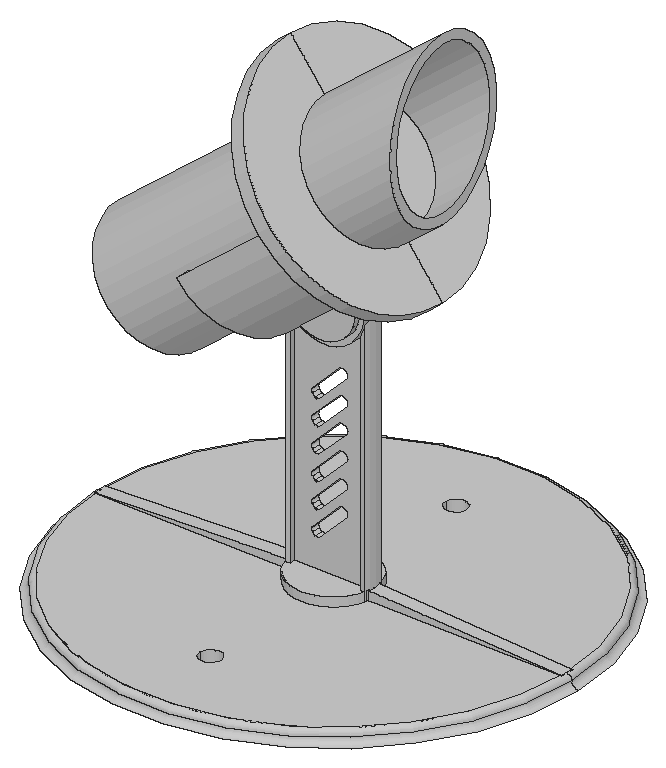
Revit family "SMALL UNDERWATER_LKPB0158WW.20", category Luminarias, Revit 2019
Family settings
  Cota de conector redondo = Diámetro de uso
  Tipo de pieza = Normal
  Se basa en plano de trabajo = Sí
  Siempre vertical = No
  Corte con vacíos al cargar = No
  Origen de luz = Sí
  Compartido = No
  Punto de cálculo de habitación = No
Parameters (values of type "SUB_LKPB0158WW.20")
  Ángulo de inclinación = 60.00°
  Zone [instance] = ""
  Watt per fixture = 2.6
  Wattage = 2.6 W
  built-in parameter 1150107 = 3000 (stored number, unit not read)
  built-in parameter 1150110 = 1 (stored number, unit not read)
  built-in parameter 1150109 = 1 (stored number, unit not read)
  built-in parameter 1150112 = 1 (stored number, unit not read)
  built-in parameter 1150113 = 1 (stored number, unit not read)
  built-in parameter 1114218 = 1 (stored number, unit not read)
  Keynote = ""
  built-in parameter 1150142 = "IESNA:LM-63-1995\r\n[TEST] SMALL UNDERWATER \r\n[DATE] 2016/12/12\r\n[MANUFAC] BRILLANTE ILUMINACION\r\n[LUMCAT] SMALL UNDERWATER \r\n[LUMINAIRE] LKPB0158WW\r\n[LAMPCAT] SMALL UNDERWATER \r\n[LAMP] SMALL UNDERWATER 3000°K 20°\r\nTILT=NONE\r\n0 -1 1.0 19 9 1 2 0.000 0.000 0.000\r\n1 1 2.6\r\n0.0 5.0 10.0 15.0 20.0 25.0 30.0 35.0 40.0 45.0 50.0 55.0 60.0 65.0 70.0 75.0 80.0 85.0 90.0\r\n0.0 45.0 90.0 135.0 180.0 225.0 270.0 315.0 360.0 \r\n828.840 675.628 405.151 164.273 60.015 27.754 16.898 11.163 7.271 4.916 3.277 2.253 1.639 1.229 0.922 0.614 0.307 0.205 0.102\r\n833.448 672.248 400.850 167.755 60.834 26.321 14.236 8.398 5.428 3.687 2.458 1.741 1.331 1.024 0.717 0.410 0.205 0.102 0.102\r\n805.284 602.914 333.973 128.735 44.141 16.591 6.759 3.687 2.560 1.946 1.536 1.127 0.819 0.512 0.307 0.205 0.102 0.102 0.102\r\n832.936 663.338 388.663 149.320 41.273 12.495 3.687 2.151 1.741 1.536 1.229 0.922 0.410 0.102 0.102 0.102 0.102 0.000 0.000\r\n828.840 741.685 494.252 216.504 57.045 15.362 3.687 1.639 1.434 1.331 1.229 0.922 0.307 0.102 0.102 0.102 0.102 0.102 0.102\r\n833.448 745.372 515.554 200.015 79.781 19.459 7.271 2.970 2.253 1.843 1.536 1.229 0.717 0.205 0.102 0.102 0.102 0.102 0.102\r\n805.284 787.260 592.775 301.508 108.457 36.767 15.157 8.296 5.121 3.380 2.458 1.843 1.331 1.024 0.512 0.307 0.205 0.102 0.102\r\n832.936 765.240 532.862 247.536 80.293 33.182 18.844 11.982 7.886 5.326 3.585 2.356 1.741 1.229 0.922 0.614 0.307 0.205 0.102\r\n828.840 675.628 405.151 164.273 60.015 27.754 16.898 11.163 7.271 4.916 3.277 2.253 1.639 1.229 0.922 0.614 0.307 0.205 0.102\r\n"
  built-in parameter 1150137 = (empty or 0)
  built-in parameter 1150132 = (empty or 0)
  Modelo = "LKPB0158WW.20"
  Lámpara = "OSRAM"
  built-in parameter 1150105 = 9.5857 (stored number, unit not read)
  built-in parameter 1150102 = (empty or 0)
  built-in parameter 1150106 = 0.095857 (stored number, unit not read)
  Lumens = 120.458 lm
  Color Filter = 16777215
  built-in parameter 1114217 = 1 (stored number, unit not read)
  built-in parameter 1150139 = (empty or 0)
  Fabricante = "BRILLANT"
  Default Elevation = 0 mm
  built-in parameter 1150104 = 4.3042 (stored number, unit not read)
  Descripción = "LUMINARIA SUB ACUATICA TIPO PUNTUAL, ACABADO EN ACERO INOXIDABLE, CUPERO MOLDEADO EN CROMO, SELLO DE SILICON, VIDRIO TEMPLADO DE 7MM, 1 LED TIPO OSRAM CON UN CONSUMO TOTAL DE 2.6W, 139 LUMENES CON  UNA TEMPERATURA EN BLANCO CALIDO 3000K, IP 68, IK 06, SUMERGIBLE MAXIMO 2M, CABLE H07RN DE 3M, APERTURA A 20 GRADOS, ALIMENTADA A 24V. REQUIERE ACCESORIOS."
  built-in parameter 1150115 = 1 (stored number, unit not read)
  built-in parameter 1150114 = 1 (stored number, unit not read)
  Comentarios de vataje = "24V"
  built-in parameter 1150138 = (empty or 0)
  built-in parameter 1150134 = (empty or 0)
  Circuit [instance] = ""
  Dimming Lamp Color Temperature Shift = (empty or 0)
  Archivo de red fotométrica = "SMALL UNDERWATER_LKPB0158WW 20°.IES"
  built-in parameter 1150133 = 10 (stored number, unit not read)
Reference planes
  plane 1 "Centro (Frontal/Posterior)": y = 0
  plane 2: z = 0
  plane 3 "Centro (Izquierda/Derecha)": x = 0
  plane 4: z = 132
  plane 5: z = 3
  plane 6: x = -653.678
  plane 7: x = 600
  plane 8 "inclinado": through (-18.314, -1524, 86.57) normal (0.7771, 0, 0.6293)
Forms (mm)
  Revolve 1, solid, material "Acero Inoxidable"
    sketch origin (0, 0, 0) x (1, 0, 0) y (0, 0, 1)
      loop
        arc (60, 0) -> (58.861, 0.472) -> (58.389, 1.611) r 1.611
        arc (58.389, 1.611) -> (57.982, 2.593) -> (57, 3) r 1.389
        line (57, 3) -> (0, 3) -> (0, 0) -> (60, 0)
      axis (0, 3) -> (0, 0)
    angle from 0 to 360
  Extrusion 2, solid, material "Acero Inoxidable"
    sketch origin (0, 0, 0) x (1, 0, 0) y (0, 1, 0)
      loop
        circle (0, 0) r 10
    from 3 to 5.134
  Extrusion 3, solid, material "Acero Inoxidable"
    sketch origin (0, 0, 0) x (1, 0, 0) y (0, 0, 1)
      loop
        line (-10, 5.134) -> (-57.216, 3) -> (-10, 3) -> (-10, 5.134)
      loop
        line (10, 5.134) -> (10, 3) -> (57.216, 3) -> (10, 5.134)
    from -1.668 to 1.605
  Extrusion 4, void
    sketch origin (0, 0, 0) x (1, 0, 0) y (0, 1, 0)
      loop
        circle (0, 37.605) r 2.589
      loop
        circle (0, -37.605) r 2.589
    from 0 to 3
  Extrusion 5, solid, material "Acero Inoxidable"
    sketch origin (0, 0, 0) x (1, 0, 0) y (0, 1, 0)
      loop
        arc (-9.664, 2.571) -> (-10, 0) -> (-9.664, -2.571) r 10
        line (-9.664, -2.571) -> (-8.527, -2.387)
        arc (-8.527, -2.387) -> (-8.69, -1.699) -> (-8.798, -1) r 8.855
        line (-8.798, -1) -> (8.798, -1)
        arc (8.798, -1) -> (8.69, -1.699) -> (8.527, -2.387) r 8.855
        line (8.527, -2.387) -> (9.664, -2.571)
        arc (9.664, -2.571) -> (10, 0) -> (9.664, 2.571) r 10
        line (9.664, 2.571) -> (8.527, 2.387)
        arc (8.527, 2.387) -> (8.69, 1.699) -> (8.798, 1) r 8.855
        line (8.798, 1) -> (-8.798, 1)
        arc (-8.798, 1) -> (-8.69, 1.699) -> (-8.527, 2.387) r 8.855
        line (-8.527, 2.387) -> (-9.664, 2.571)
    from 3 to 66.238
  Extrusion 6, void
    sketch origin (0, 0, 0) x (1, 0, 0) y (0, 0, 1)
      loop
        arc (-4.236, 44.448) -> (-4.479, 43.861) -> (-4.236, 43.274) r 0.831
        line (-4.236, 43.274) -> (-3.616, 42.653)
        arc (-3.616, 42.653) -> (-3.028, 42.41) -> (-2.441, 42.653) r 0.831
        line (-2.441, 42.653) -> (4.236, 49.33)
        arc (4.236, 49.33) -> (4.479, 49.917) -> (4.236, 50.505) r 0.831
        line (4.236, 50.505) -> (3.616, 51.125)
        arc (3.616, 51.125) -> (3.028, 51.368) -> (2.441, 51.125) r 0.831
        line (2.441, 51.125) -> (-4.236, 44.448)
      loop
        arc (-4.236, 38.355) -> (-4.479, 37.768) -> (-4.236, 37.18) r 0.831
        line (-4.236, 37.18) -> (-3.616, 36.56)
        arc (-3.616, 36.56) -> (-3.028, 36.317) -> (-2.441, 36.56) r 0.831
        line (-2.441, 36.56) -> (4.236, 43.237)
        arc (4.236, 43.237) -> (4.479, 43.824) -> (4.236, 44.411) r 0.831
        line (4.236, 44.411) -> (3.616, 45.032)
        arc (3.616, 45.032) -> (3.028, 45.275) -> (2.441, 45.032) r 0.831
        line (2.441, 45.032) -> (-4.236, 38.355)
      loop
        arc (-4.236, 32.262) -> (-4.479, 31.674) -> (-4.236, 31.087) r 0.831
        line (-4.236, 31.087) -> (-3.616, 30.467)
        arc (-3.616, 30.467) -> (-3.028, 30.223) -> (-2.441, 30.467) r 0.831
        line (-2.441, 30.467) -> (4.236, 37.143)
        arc (4.236, 37.143) -> (4.479, 37.731) -> (4.236, 38.318) r 0.831
        line (4.236, 38.318) -> (3.616, 38.939)
        arc (3.616, 38.939) -> (3.028, 39.182) -> (2.441, 38.939) r 0.831
        line (2.441, 38.939) -> (-4.236, 32.262)
      loop
        arc (-4.236, 26.169) -> (-4.479, 25.581) -> (-4.236, 24.994) r 0.831
        line (-4.236, 24.994) -> (-3.616, 24.373)
        arc (-3.616, 24.373) -> (-3.028, 24.13) -> (-2.441, 24.373) r 0.831
        line (-2.441, 24.373) -> (4.236, 31.05)
        arc (4.236, 31.05) -> (4.479, 31.637) -> (4.236, 32.225) r 0.831
        line (4.236, 32.225) -> (3.616, 32.845)
        arc (3.616, 32.845) -> (3.028, 33.089) -> (2.441, 32.845) r 0.831
        line (2.441, 32.845) -> (-4.236, 26.169)
      loop
        arc (-4.236, 20.075) -> (-4.479, 19.488) -> (-4.236, 18.9) r 0.831
        line (-4.236, 18.9) -> (-3.616, 18.28)
        arc (-3.616, 18.28) -> (-3.028, 18.037) -> (-2.441, 18.28) r 0.831
        line (-2.441, 18.28) -> (4.236, 24.957)
        arc (4.236, 24.957) -> (4.479, 25.544) -> (4.236, 26.132) r 0.831
        line (4.236, 26.132) -> (3.616, 26.752)
        arc (3.616, 26.752) -> (3.028, 26.995) -> (2.441, 26.752) r 0.831
        line (2.441, 26.752) -> (-4.236, 20.075)
      loop
        arc (-4.236, 13.982) -> (-4.479, 13.395) -> (-4.236, 12.807) r 0.831
        line (-4.236, 12.807) -> (-3.616, 12.187)
        arc (-3.616, 12.187) -> (-3.028, 11.944) -> (-2.441, 12.187) r 0.831
        line (-2.441, 12.187) -> (4.236, 18.864)
        arc (4.236, 18.864) -> (4.479, 19.451) -> (4.236, 20.038) r 0.831
        line (4.236, 20.038) -> (3.616, 20.659)
        arc (3.616, 20.659) -> (3.028, 20.902) -> (2.441, 20.659) r 0.831
        line (2.441, 20.659) -> (-4.236, 13.982)
    from -1 to 1
  Extrusion 7, solid, material "Acero Inoxidable"
    sketch origin (0, 0, 0) x (1, 0, 0) y (0, 0, 1)
      loop
        circle (0, 66.238) r 10
    from -2.669 to 2.776
  Extrusion 8, solid, material "Acero Inoxidable"
    sketch origin (0, 0, 0) x (1, 0, 0) y (0, 0, 1)
      loop
        circle (0, 66.238) r 8.527
    from -3.879 to 3.918
  Extrusion 9, solid, material "Acero Inoxidable"
    sketch origin (38.907, 0, 12.732) x (0.809017, 0, 0.587785) y (-0.587785, 0, 0.809017)
      loop
        line (-8.527, 67.314) -> (-8.527, 65.161) -> (8.251, 65.161) -> (8.251, 67.314) -> (-8.527, 67.314)
    from -6.819 to 6.783
  Extrusion 10, solid, material "Acero Inoxidable"
    sketch origin (35.015, 0, 20.714) x (-0.62932, 0, 0.777146) y (0, -1, 0)
      loop
        line (74.745, 16.141) -> (74.745, 20.141)
        arc (74.745, 20.141) -> (54.604, 0) -> (74.745, -20.141) r 20.141
        line (74.745, -20.141) -> (74.745, -16.141)
        arc (74.745, -16.141) -> (58.604, 0) -> (74.745, 16.141) r 16.141
    from -13.208 to 23.085
  Revolve 11, solid, material "Acero Inoxidable"
    sketch origin (-79.16, 0, 96.158) x (0, 0, -1) y (1, 0, 0)
      loop
        line (40.545, 36.817) -> (53.223, 47.084) -> (23.006, 84.399)
        arc (23.006, 84.399) -> (21.888, 84.469) -> (21.99, 85.585) r 0.781
        line (21.99, 85.585) -> (21.482, 86.212)
        arc (21.482, 86.212) -> (20.383, 86.328) -> (20.499, 87.426) r 0.781
        line (20.499, 87.426) -> (19.99, 88.054)
        arc (19.99, 88.054) -> (18.878, 88.186) -> (19.042, 89.294) r 0.781
        line (19.042, 89.294) -> (14.683, 94.676) -> (25.101, 103.113) -> (22.713, 106.062) -> (12.295, 97.626) -> (-11.117, 126.537) -> (-12.562, 125.367) -> (9.217, 98.473) -> (-2.016, 89.376) -> (40.545, 36.817)
      axis (-23.795, 116.271) -> (40.545, 36.817)
    angle from 0 to 360
  Extrusion 12, void
    sketch origin (27.372, 0, 30.152) x (-0.62932, 0, 0.777146) y (0, -1, 0)
      loop
        circle (63.579, 0.01) r 16.073
      loop
        circle (63.579, 0.01) r 15.534
    from -43.944 to -35.873
  Extrusion 13, void
    sketch origin (0, 0, 0) x (1, 0, 0) y (0, 0, 1)
      loop
        line (26.844, 132.631) -> (26.844, 87.631) -> (51.844, 87.631) -> (51.844, 132.631) -> (26.844, 132.631)
    from -20.591 to 22.166
  Extrusion 14, solid, material "Acero Inoxidable"
    sketch origin (11.387, 0, 49.892) x (-0.62932, 0, 0.777146) y (0, -1, 0)
      loop
        line (37.201, -5) -> (41.531, -2.5) -> (41.531, 2.5) -> (37.201, 5) -> (32.871, 2.5) -> (32.871, -2.5) -> (37.201, -5)
    from -41.395 to -38.156
  Extrusion 15, solid, material "Plastico"
    sketch origin (11.387, 0, 49.892) x (-0.62932, 0, 0.777146) y (0, -1, 0)
      loop
        circle (37.201, 0) r 2.706
    from -48.927 to -41.395
Cuts and joins
  Extrusion 4 cuts Revolve 1
  Extrusion 6 cuts Extrusion 5
  Extrusion 12, Extrusion 13 cuts Revolve 11
  Extrusion 12 cuts Extrusion 7
  Extrusion 12 cuts Extrusion 10
Dimensions and locks
  plane 4 to plane 2 = 132 mm
  plane 4 to level = 132 mm
  plane 5 to level = 3 mm
  Revolve 11 sketch curve to Revolve 11 sketch curve = 16.314 mm
  Revolve 11 sketch curve to Revolve 11 sketch curve = 102.238 mm
  cut or joined group of Revolve 11, Extrusion 12, Extrusion 13 to cut or joined group of Revolve 11, Extrusion 12, Extrusion 13 = 102.238 mm
  Revolve 11 sketch curve to Revolve 11 sketch curve = 29.719 mm
  Extrusion 10 sketch curve to Extrusion 10 sketch curve = 4 mm
  aligned and locked: level to plane 2
  aligned and locked: Extrusion 5 to Extrusion 6  (x2)
Connectors
  electrical at (-50.047, 0, 48.012)
    settings: on Extrusion 15, index 1, voltage 24 V, apparent load 0 VA, apparent load phase1 0 VA, apparent load phase2 0 VA, apparent load phase3 0 VA, power factor 1, load classification "Otro", number of poles 1, system type 31, power factor state 1, is connector primary yes, connector utility no, sub classification motor no, connector description ""
